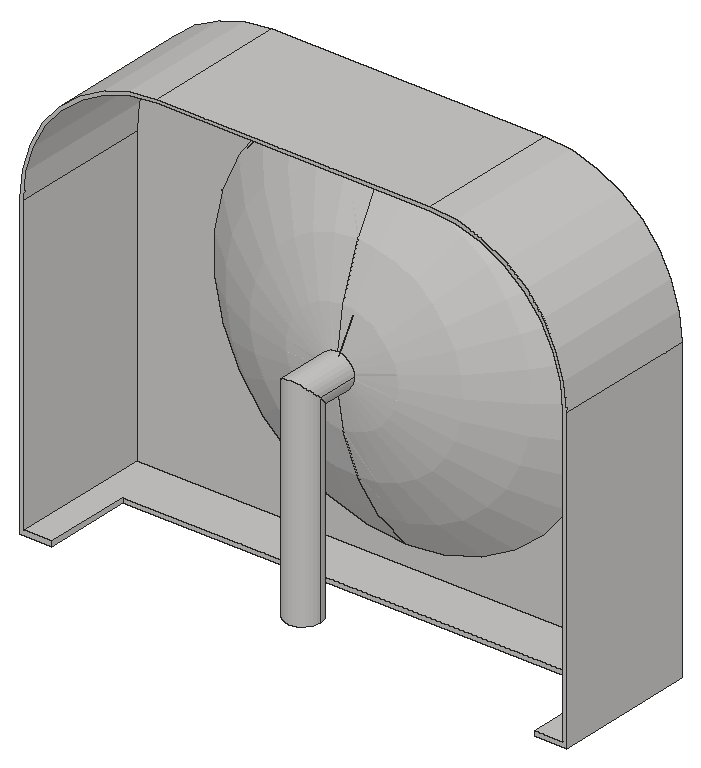
Revit family "PRD_FrankeWS_WlHngWshBsns_AnimaWashbasin_ANMX502", category Plumbing Fixtures, host Face, Revit 2018
Family settings
  Host = Face
  Round Connector Dimension = Use Diameter
  Part Type = Normal
  OmniClass Number = 23.45.05.14.14
  OmniClass Title = Sinks/Lavatories
  Cut with Voids When Loaded = No
  Shared = No
  Room Calculation Point = No
Parameters (values of type "ANMX502")
  WaterSupplyOverflowAndWasteHolesWaterSupply = "No tapholes"
  WaterSupplyOverflowAndWasteHolesWaste = "Center-Center"
  WaterSupplyOverflowAndWasteHolesOverflow = "None"
  WasteSize = 32.048 mm
  WashbasinMaterial = PRD_AR_StainlessSteel_SatinFinished
  WashHandBasinType = "HandRinse"
  WashHandBasinMounting = "WallHung"
  WarrantyStartDate [instance] = "1900-12-31T23:59:59"
  WarrantyGuarantorParts = "n/a"
  WarrantyGuarantorLabor = "n/a"
  WarrantyDurationUnit = "year"
  WarrantyDurationParts = "n/a"
  WarrantyDurationLabor = "n/a"
  WarrantyDescription = "n/a"
  Version = "1"
  Uniclass2015Version = "Products v1.5"
  Uniclass2015Title = "Wall-hung wash basins"
  Uniclass2015Code = "Pr_40_20_96_96"
  URL = "www.kwc.com"
  TagNumber [instance] = "n/a"
  SustainabilityPerformance = "n/a"
  Standard = "n/a"
  Size = "500 x 400 x 132 mm"
  Shape = "Rectangular"
  SerialNumber [instance] = "n/a"
  Revision = "n/a"
  ReplacementCost = "n/a"
  ProductInformation = "https://pim.kwc.com/product/2030029755/attachment/datasheet?locale=en"
  OverflowClass = "n/a"
  NominalWidth = 500 mm
  NominalLength = 0 mm
  NominalHeight = 132 mm
  NominalDepth = 400 mm
  NetWeight = 6.00 kg
  Name = "ANIMA wall-hung wash basin ANMX502"
  NBSTypeID = "n/a"
  NBSReference = "45-35-70/369"
  NBSOfficeMasterTag = "n/a"
  NBSNote = "n/a"
  NBSDescription = "Wall hung wash basins"
  NBSCertification = "n/a"
  ModelReference = "ANMX502"
  ModelNumber = "2030029755"
  Model = ModelReference  # "ANMX502"
  MaterialsFinishAndColour = "Stainless steel"
  MaterialsBody = "Stainless steel 1.4301"
  Material = "Stainless steel"
  ManufacturerURL = "www.kwc.com"
  ManufacturerName = "KWC Group AG"  # constant formula
  Manufacturer = ManufacturerName  # "KWC Group AG"
  IntegralAccessories = "Incl. stainless steel screws and rawl plugs"
  InstallationDate [instance] = "1900-12-31T23:59:59"
  IfcExportType = "WASHHANDBASIN"
  IfcExportAs = "IfcSanitaryTerminalType"
  GrossWeight = 6.20 kg
  Grade = "n/a"
  Form = "Wall hung wash basin"
  Finish = "Satin finished"
  Features = "stainless steel, 1.50 mm, 500 x 132 x 400 mm (W x H x D)"
  ExpectedLife = "n/a"
  DurationUnit = "year"
  DrainSize = "DN-32"
  Description = "Single wash stand for wall-mounting, chrome-nickel steel, surface silk matt, material 1.5 mm thick, barrier-free wash stand in acc. with SIA 500, seamlessly welded round basin, basin diameter of 350 mm, rectangular wash stand shape with front corners rounded, no bank of fittings, seamlessly integrated plug strainer and drainpipe DN 32, siphon mounted under plaster, not included, integrated and reinforced assembly panel measuring 280 mm, including stainless steel screws and rawl plugs.Dimensions 500 x 132 x 400 mm (W x H x D)"
  Default Elevation = 850 mm
  Constituents = "n/a"
  ConnectingDimensions = "n/a"
  Color = "Stainless steel"
  CodePerformance = "n/a"
  Category = "Pr_40_20_96_96, Wall-hung wash basins"
  BarCode [instance] = "n/a"
  BIMObjectName = "PRD_AR_WallHungWashBasins_AnimaWashbasin_ANMX502"
  Author = "Archispace"  # constant formula
  AssetType = "Fixed"
  AssetIdentifier [instance] = "n/a"
  AccessibilityPerformance = "n/a"
Reference planes
  plane 1 "Center (Front/Back)": y = 0
  plane 2: z = 0
  plane 3 "Center (Left/Right)": x = 0
Dimensions and locks
  aligned and locked: plane 2 to host face
  aligned and locked: level to host face
Nested families
  nested 1: "ANMX502" at (0, 0, 0) x (1, 0, 0) z (0, 1, 0), type "ANMX502"
Connectors
  piping at (0, -120.5, 16), diameter 32.048, driven by "WasteSize"
    settings: on nested 1, index 1, connector inside diameter 609.6 mm, connector length 0 mm, flow factor 0, pipe flow 0.0 L/s, pressure drop 0.0 Pa, fitting loss kfactor 0, connector angle 0.00°, fixture units 0, engagement length 0 mm, angle of deflection 0.00°, flow configuration 2, flow direction 2, fitting loss method 0, system type 16, joint type 0, gender type 0, connector reference index -1, connector utility 0, adjustable connector no, is connector primary yes, connector description ""
Definition of nested family "ANMX502"
  Parameters (values of type "ANMX502")
    Material = none
    Default Elevation = 0 mm
  Reference planes
    plane 1 "Center (Front/Back)": y = 0
    plane 2: z = 0
    plane 3 "Center (Left/Right)": x = 0
    plane 4: y = -200
  Forms (mm)
    Revolve 1, solid, material <- "Material", detail levels fine
      sketch origin (0, 0, 0) x (0, 1, 0) y (0, 0, 1)
        loop
          line (-375, -1.5) -> (-377.811, -1.5)
          arc (-377.811, -1.5) -> (-296.429, -58.816) -> (-200, -83.505) r 275.76
          line (-200, -83.505) -> (-200, -81.5)
          arc (-200, -81.5) -> (-294.76, -57.382) -> (-375, -1.5) r 273.76
        axis (-200, -83.505) -> (-200, -1.5)
      angle from 0 to 360
    Extrusion 2, void
      sketch origin (0, 50, 0) x (1, 0, 0) y (0, 1, 0)
        loop
          arc (-4.306, -247.994) -> (-4.246, -247.312) -> (-4.638, -246.752) r 1
          line (-4.638, -246.752) -> (-6.089, -245.737)
          arc (-6.089, -245.737) -> (-6.901, -245.585) -> (-7.551, -246.097) r 1
          arc (-7.551, -246.097) -> (-8.5, -250) -> (-7.551, -253.903) r 8.5
          arc (-7.551, -253.903) -> (-6.901, -254.415) -> (-6.089, -254.263) r 1
          line (-6.089, -254.263) -> (-4.638, -253.248)
          arc (-4.638, -253.248) -> (-4.246, -252.688) -> (-4.306, -252.006) r 1
          arc (-4.306, -252.006) -> (-4.75, -250) -> (-4.306, -247.994) r 4.75
        loop
          arc (-2.517, -239.549) -> (-1.133, -237.287) -> (-3.395, -235.903) r 1.875
          arc (-3.395, -235.903) -> (-10.253, -239.747) -> (-14.097, -246.605) r 14.5
          arc (-14.097, -246.605) -> (-12.713, -248.867) -> (-10.451, -247.483) r 1.875
          arc (-10.451, -247.483) -> (-7.601, -242.399) -> (-2.517, -239.549) r 10.75
        loop
          circle (0, -250) r 2.5
        loop
          arc (2.006, -245.694) -> (2.688, -245.754) -> (3.248, -245.362) r 1
          line (3.248, -245.362) -> (4.263, -243.911)
          arc (4.263, -243.911) -> (4.415, -243.099) -> (3.903, -242.449) r 1
          arc (3.903, -242.449) -> (0, -241.5) -> (-3.903, -242.449) r 8.5
          arc (-3.903, -242.449) -> (-4.415, -243.099) -> (-4.263, -243.911) r 1
          line (-4.263, -243.911) -> (-3.248, -245.362)
          arc (-3.248, -245.362) -> (-2.688, -245.754) -> (-2.006, -245.694) r 1
          arc (-2.006, -245.694) -> (0, -245.25) -> (2.006, -245.694) r 4.75
        loop
          arc (10.451, -247.483) -> (12.713, -248.867) -> (14.097, -246.605) r 1.875
          arc (14.097, -246.605) -> (10.253, -239.747) -> (3.395, -235.903) r 14.5
          arc (3.395, -235.903) -> (1.133, -237.287) -> (2.517, -239.549) r 1.875
          arc (2.517, -239.549) -> (7.601, -242.399) -> (10.451, -247.483) r 10.75
        loop
          arc (4.306, -252.006) -> (4.246, -252.688) -> (4.638, -253.248) r 1
          line (4.638, -253.248) -> (6.089, -254.263)
          arc (6.089, -254.263) -> (6.901, -254.415) -> (7.551, -253.903) r 1
          arc (7.551, -253.903) -> (8.5, -250) -> (7.551, -246.097) r 8.5
          arc (7.551, -246.097) -> (6.901, -245.585) -> (6.089, -245.737) r 1
          line (6.089, -245.737) -> (4.638, -246.752)
          arc (4.638, -246.752) -> (4.246, -247.312) -> (4.306, -247.994) r 1
          arc (4.306, -247.994) -> (4.75, -250) -> (4.306, -252.006) r 4.75
        loop
          arc (2.517, -260.451) -> (1.133, -262.713) -> (3.395, -264.097) r 1.875
          arc (3.395, -264.097) -> (10.253, -260.253) -> (14.097, -253.395) r 14.5
          arc (14.097, -253.395) -> (12.713, -251.133) -> (10.451, -252.517) r 1.875
          arc (10.451, -252.517) -> (7.601, -257.601) -> (2.517, -260.451) r 10.75
        loop
          arc (-2.006, -254.306) -> (-2.688, -254.246) -> (-3.248, -254.638) r 1
          line (-3.248, -254.638) -> (-4.263, -256.089)
          arc (-4.263, -256.089) -> (-4.415, -256.901) -> (-3.903, -257.551) r 1
          arc (-3.903, -257.551) -> (0, -258.5) -> (3.903, -257.551) r 8.5
          arc (3.903, -257.551) -> (4.415, -256.901) -> (4.263, -256.089) r 1
          line (4.263, -256.089) -> (3.248, -254.638)
          arc (3.248, -254.638) -> (2.688, -254.246) -> (2.006, -254.306) r 1
          arc (2.006, -254.306) -> (0, -254.75) -> (-2.006, -254.306) r 4.75
        loop
          arc (-10.451, -252.517) -> (-12.713, -251.133) -> (-14.097, -253.395) r 1.875
          arc (-14.097, -253.395) -> (-10.253, -260.253) -> (-3.395, -264.097) r 14.5
          arc (-3.395, -264.097) -> (-1.133, -262.713) -> (-2.517, -260.451) r 1.875
          arc (-2.517, -260.451) -> (-7.601, -257.601) -> (-10.451, -252.517) r 10.75
      from -74.173 to -85.979
    Sweep 3, solid, material <- "Material", detail levels medium+fine
      path origin (0, 0, 0) x (0, 1, 0) y (0, 0, 1)
        loop
          line (-200, -82.043) -> (-200, -120.5) -> (-16, -120.5)
      profile origin (0, -200, -101.271) x (1, 0, 0) y (0, 1, 0)
        loop
          circle (0, 0) r 16
    Extrusion 4, solid, material <- "Material", detail levels fine
      sketch origin (0, 0, 0) x (1, 0, 0) y (0, 1, 0)
        loop
          arc (-250, -275) -> (-213.388, -363.388) -> (-125, -400) r 125
          line (-125, -400) -> (125, -400)
          arc (125, -400) -> (213.388, -363.388) -> (250, -275) r 125
          line (250, -275) -> (250, 0) -> (-250, 0) -> (-250, -275)
        loop
          circle (0, -200) r 174.5
      from 0 to -131.5
    Extrusion 5, void
      sketch origin (0, 0, 0) x (1, 0, 0) y (0, 1, 0)
        loop
          line (-247, -4.5) -> (-247, -275)
          arc (-247, -275) -> (-211.267, -361.267) -> (-125, -397) r 122
          line (-125, -397) -> (125, -397)
          arc (125, -397) -> (211.267, -361.267) -> (247, -275) r 122
          line (247, -275) -> (247, -4.5) -> (-247, -4.5)
      from -2 to -131.5
    Extrusion 6, void
      sketch origin (0, 0, 0) x (1, 0, 0) y (0, 0, 1)
        loop
          line (221, -131.5) -> (221, -50) -> (-221, -50) -> (-221, -131.5) -> (221, -131.5)
      from 0 to 5
    Extrusion 7, solid, material <- "Material", detail levels medium
      sketch origin (0, 0, 0) x (1, 0, 0) y (0, 1, 0)
        loop
          line (-250, 0) -> (-250, -275)
          arc (-250, -275) -> (-213.388, -363.388) -> (-125, -400) r 125
          line (-125, -400) -> (125, -400)
          arc (125, -400) -> (213.388, -363.388) -> (250, -275) r 125
          line (250, -275) -> (250, 0) -> (-250, 0)
      from 0 to -131.5
    Revolve 8, void
      sketch origin (0, 0, 0) x (0, 1, 0) y (0, 0, 1)
        loop
          line (-200, -80.774) -> (-185, -80.774)
          arc (-185, -80.774) -> (-98.22, -54.268) -> (-25.5, 0) r 264.561
          line (-25.5, 0) -> (-200, 0) -> (-200, -80.774)
        axis (-200, -80.774) -> (-200, 0)
      angle from 0 to 360
    Extrusion 9, solid, material <- "Material", detail levels coarse
      sketch origin (0, 0, 0) x (1, 0, 0) y (0, 1, 0)
        loop
          line (-250, 0) -> (-250, -275)
          arc (-250, -275) -> (-213.388, -363.388) -> (-125, -400) r 125
          line (-125, -400) -> (125, -400)
          arc (125, -400) -> (213.388, -363.388) -> (250, -275) r 125
          line (250, -275) -> (250, 0) -> (-250, 0)
      from 0 to -131.5
  Cuts and joins
    Extrusion 2 cuts Revolve 1
    Extrusion 5, Extrusion 6 cuts Extrusion 4
    Revolve 8 cuts Extrusion 7
  Lines and regions (mm)
    model lines, detail levels coarse
      curve 1: circle (0, -200, 0) r 174.5 normal (0, 0, 1)
  Dimensions and locks
    aligned and locked: level to plane 2
